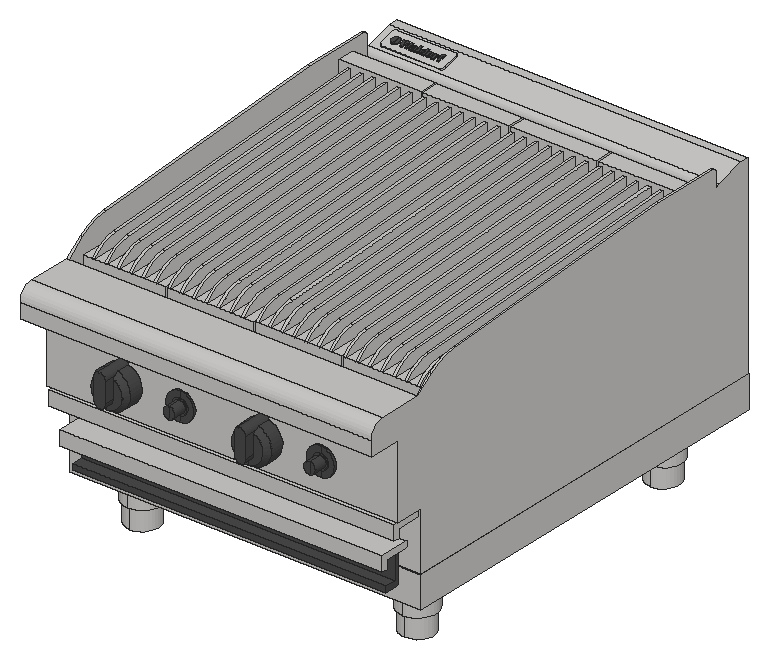
Revit family "QF_MOFFAT WALDORF_CHL8600G-B", category Specialty Equipment, Revit 2012 (continued)
Definition of nested family "WALDORF LOGO_FACE BASE"
  Forms (mm)
    Extrusion 1, solid
      from 0 to -304.8
    Extrusion 2, solid, material "QF_Finishes_Stainless Steel", visible <- "Show Logo"
      sketch origin (0, -33.217, 0) x (1, 0, 0) y (0, 1, 0)
        loop
          arc (5, 34.14) -> (1.464, 32.676) -> (0, 29.14) r 5
          line (0, 29.14) -> (0, 5)
          arc (0, 5) -> (1.464, 1.464) -> (5, 0) r 5
          line (5, 0) -> (104, 0)
          arc (104, 0) -> (107.536, 1.464) -> (109, 5) r 5
          line (109, 5) -> (109, 29.14)
          arc (109, 29.14) -> (107.536, 32.676) -> (104, 34.14) r 5
          line (104, 34.14) -> (5, 34.14)
      from 0 to 1.588
    Extrusion 3, solid, material "QF_Finishes_Black", visible <- "Show Logo"
      sketch origin (0, -33.217, 1.588) x (1, 0, 0) y (0, 1, 0)
        loop
          line (24.772, 23.214) -> (27.992, 10.301) -> (31.551, 10.301) -> (33.443, 17.364) -> (35.205, 10.301) -> (39.332, 10.301) -> (42.077, 23.214) -> (38.352, 23.214) -> (36.676, 15.33) -> (35, 23.214) -> (31.752, 23.214) -> (30.076, 15.33) -> (28.4, 23.214) -> (24.772, 23.214)
        loop
          line (42.272, 17.055) -> (45.703, 17.055)
          spline (45.703, 17.055) -> (45.741, 17.285) -> (45.852, 17.499) -> (46.028, 17.682) -> (46.258, 17.823) -> (46.526, 17.912) -> (46.813, 17.942) -> (47.1, 17.912) -> (47.368, 17.823) -> (47.597, 17.682) -> (47.774, 17.499) -> (47.884, 17.285) -> (47.922, 17.055)
          line (47.922, 17.055) -> (47.922, 16.222)
          arc (47.922, 16.222) -> (45.742, 16.014) -> (43.665, 15.317) r 9.604
          arc (43.665, 15.317) -> (41.924, 12.809) -> (43.665, 10.301) r 2.677
          arc (43.665, 10.301) -> (45.527, 10.353) -> (47.332, 10.816) r 8.365
          line (47.332, 10.816) -> (48.092, 11.105) -> (48.092, 10.301) -> (51.817, 10.301) -> (51.817, 17.055)
          spline (51.817, 17.055) -> (51.654, 17.821) -> (51.178, 18.535) -> (50.419, 19.148) -> (49.431, 19.619) -> (48.28, 19.914) -> (47.044, 20.015) -> (45.809, 19.914) -> (44.658, 19.619) -> (43.67, 19.148) -> (42.911, 18.535) -> (42.434, 17.821) -> (42.272, 17.055)
        loop
          line (53.151, 23.214) -> (53.151, 10.301) -> (57.37, 10.301) -> (57.37, 23.214) -> (53.151, 23.214)
        loop
          line (64.874, 23.214) -> (64.874, 18.857)
          arc (64.874, 18.857) -> (58.083, 15.11) -> (64.874, 11.363) r 4.429
          line (64.874, 11.363) -> (64.874, 10.301) -> (68.378, 10.301) -> (68.378, 23.214) -> (64.874, 23.214)
        loop
          arc (64.874, 16.083) -> (61.41, 14.987) -> (64.874, 13.891) r 1.905
          line (64.874, 13.891) -> (64.874, 16.083)
        loop
          circle (74.623, 15.223) r 5
        loop
          spline (74.623, 17.856) -> (74.355, 17.766) -> (74.105, 17.503) -> (73.891, 17.084) -> (73.726, 16.539) -> (73.623, 15.904) -> (73.588, 15.223) -> (73.623, 14.541) -> (73.726, 13.906) -> (73.891, 13.361) -> (74.105, 12.942) -> (74.355, 12.679) -> (74.623, 12.59)
          spline (74.623, 12.59) -> (74.891, 12.679) -> (75.141, 12.942) -> (75.355, 13.361) -> (75.52, 13.906) -> (75.623, 14.541) -> (75.659, 15.223) -> (75.623, 15.904) -> (75.52, 16.539) -> (75.355, 17.084) -> (75.141, 17.503) -> (74.891, 17.766) -> (74.623, 17.856)
        loop
          line (81.255, 19.813) -> (81.255, 10.301) -> (84.834, 10.301) -> (84.834, 14.176)
          arc (84.834, 14.176) -> (85.854, 16.093) -> (88.013, 16.32) r 2.313
          line (88.013, 16.32) -> (88.013, 19.813) -> (87.161, 19.813)
          arc (87.161, 19.813) -> (85.526, 19.266) -> (84.549, 17.844) r 2.717
          line (84.549, 17.844) -> (84.549, 19.813) -> (81.255, 19.813)
        loop
          line (90.249, 19.813) -> (88.91, 19.813) -> (88.91, 17.614) -> (90.249, 17.614) -> (90.249, 10.301) -> (93.998, 10.301) -> (93.998, 17.614) -> (95.418, 17.614) -> (95.418, 19.813) -> (93.998, 19.813)
          arc (93.998, 19.813) -> (94.414, 20.817) -> (95.418, 21.233) r 1.42
          line (95.418, 21.233) -> (95.418, 23.602) -> (93.317, 23.602)
          arc (93.317, 23.602) -> (91.343, 22.903) -> (90.249, 21.118) r 3.137
          line (90.249, 21.118) -> (90.249, 19.813)
        loop
          arc (15.241, 23.571) -> (8.392, 16.525) -> (15.241, 9.479) r 7.049
          line (15.241, 9.479) -> (15.241, 23.571)
        loop
          line (15.641, 23.571) -> (15.641, 9.479)
          arc (15.641, 9.479) -> (22.49, 16.525) -> (15.641, 23.571) r 7.049
        loop
          arc (47.922, 14.711) -> (46.266, 13.749) -> (47.922, 12.787) r 1.107
          line (47.922, 12.787) -> (47.922, 14.711)
      from 0 to 0.2
  Dimensions and locks
    aligned and locked: plane 2 to Extrusion 1
    aligned and locked: level to Extrusion 1
